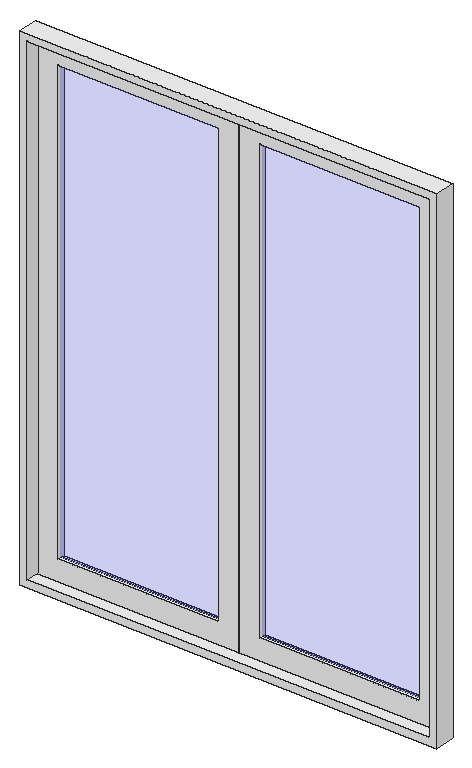
Revit family "CUA_SO_2_CANH_BACKUP", category Windows, host Wall, Revit 2025
Family settings
  Host = Wall
  Always vertical = Yes
  Cut with Voids When Loaded = No
  Shared = No
  Room Calculation Point = No
Parameters (values of type "S1_1500x1800")
  Type Comments = ""
  KINH = 5 mm
  Height = 1800 mm
  Define Thermal Properties by = Schematic Type
  Default Sill Height = 750 mm
  TrimProjection = 25 mm
  Wall Closure = By host
  Width = 1500 mm
  Assembly Code = ""
  Analytic Construction = "<None>"
  25 = 25 mm
  CAO CÁNH = 1800 mm
  76 = 76 mm
Types (7, lengths in mm): name | Type Comments | Height | Default Sill Height | Width | CAO CÁNH
  S1_1500x1800 | "" | 1800 | 750 | 1500 | 1800
  S4_1500x1400 | "" | 1400 | 800 | 1500 | 1300
  K3_3100x2100 | "" | 2100 | 800 | 3100 | 1300
  S1_1500x1400 | "" | 1300 | 800 | 1500 | 1300
  CUA SO 2 CANH NHOM KINH O O THOANG 2 | "CỬA PA NÔ THÉP KÍNH" | 1500 | 800 | 900 | 1500
  S2 | "" | 1200 | 800 | 1200 | 1200
  CUA SO 2 CANH NHOM KINH O O THOANG | "CỬA PA NÔ THÉP KÍNH (LÀM MỚI)" | 1300 | 800 | 1200 | 1300
Reference planes
  plane 1: y = 0
  plane 2 "Center (Left/Right)": x = 0
  plane 3 "Left": x = -750
  plane 4 "Right": x = 750
  plane 5 "Sill": z = 750
  plane 6 "Head": z = 2550
  plane 7 "Exterior": y = 75
  plane 8 "Interior": y = -75
  plane 9: z = 2550
Forms (mm)
  Extrusion 1, solid, material "NHÔM HỘP 2Ẽ76X1"
    sketch origin (0, 75, 0) x (1, 0, 0) y (0, 0, 1)
      loop
        line (750, 750) -> (750, 2550) -> (-750, 2550) -> (-750, 750) -> (750, 750)
      loop
        line (775, 725) -> (775, 2575) -> (-775, 2575) -> (-775, 725) -> (775, 725)
    from 0 to 76
  Extrusion 2, solid, material "NHÔM HỘP 2Ẽ76X1"
    sketch origin (0, 75, 0) x (1, 0, 0) y (0, 0, 1)
      loop
        line (750, 2550) -> (0, 2550) -> (0, 750) -> (750, 750) -> (750, 2550)
      loop
        line (674, 2474) -> (76, 2474) -> (76, 826) -> (674, 826) -> (674, 2474)
    from 0 to 25
  Extrusion 3, solid, material "NHÔM HỘP 2Ẽ76X1"
    sketch origin (-600, 75, 0) x (1, 0, 0) y (0, 0, 1)
      loop
        line (600, 2550) -> (-150, 2550) -> (-150, 750) -> (600, 750) -> (600, 2550)
      loop
        line (524, 2474) -> (-74, 2474) -> (-74, 826) -> (524, 826) -> (524, 2474)
    from 0 to 25
  Extrusion 4, solid, material "Glass"
    sketch origin (0, 0, 0) x (0, 0, 1) y (1, 0, 0)
      loop
        line (826, 76) -> (2474, 76) -> (2474, 674) -> (826, 674) -> (826, 76)
      loop
        line (826, -674) -> (2474, -674) -> (2474, -76) -> (826, -76) -> (826, -674)
    from 60 to 65
Lines and regions (mm)
  Opening 1
    outline origin (3500, -75, 0) x (1, 0, 0) y (0, 0, 1)
      loop
        line (-2750, 750) -> (-2750, 2550) -> (-4250, 2550) -> (-4250, 750) -> (-2750, 750)
  Masking region 1
    outline origin (0, 0, 0) x (1, 0, 0) y (0, 1, 0)
      loop
        line (750, 75) -> (750, -1) -> (775, -1) -> (775, 75) -> (750, 75)
      loop
        line (-750, -1) -> (-750, 75) -> (-775, 75) -> (-775, -1) -> (-750, -1)
  reference lines
    curve 1: line (892.835, 75, 1350) -> (-947.165, 75, 1350)
    curve 2: line (931.155, 75, 1950) -> (-947.165, 75, 1950)
  symbolic lines
    curve 3: line (0, 75, 2550) -> (0, 75, 750)
    curve 4: line (0, 75, 2550) -> (0, 75, 2575)
  symbolic lines, style "WindowsGlassProjection"
    curve 5: line (-674, 65, 0) -> (-76, 65, 0)
    curve 6: line (-674, 60, 0) -> (-674, 65, 0)
    curve 7: line (-76, 60, 0) -> (-674, 60, 0)
    curve 8: line (-76, 65, 0) -> (-76, 60, 0)
    curve 9: line (76, 65, 0) -> (674, 65, 0)
    curve 10: line (76, 60, 0) -> (76, 65, 0)
    curve 11: line (674, 60, 0) -> (76, 60, 0)
    curve 12: line (674, 65, 0) -> (674, 60, 0)
  symbolic lines, style "InvisibleLines"
    curve 13: line (0, 62.5, 2550) -> (750, 62.5, 1500)
    curve 14: line (750, 62.5, 1500) -> (0, 62.5, 750)
    curve 15: line (0, 62.5, 750) -> (-750, 62.5, 1500)
    curve 16: line (-750, 62.5, 1500) -> (0, 62.5, 2550)
Text (mm)
  text "EXTERIOR" at (-1981.535, 863.181, 0), in view "Ref. Level"
  text "INTERIOR" at (-2017.992, -707.606, 0), in view "Ref. Level"
  text "Exterior" at (0, 923.751, 2943.296), in view "Right"
  text "Exterior" at (0, 1019.841, 2788.626), in view "Left"
Dimensions and locks
  equal spacing: plane 3 "Left", plane 2 "Center (Left/Right)", plane 4 "Right"
  "Width": plane 3 "Left" to plane 4 "Right"
  "Height": plane 5 "Sill" to plane 6 "Head"
  "Default Sill Height": plane 5 "Sill" to level
  locked: plane 7 "Exterior" to host wall
  locked: plane 8 "Interior" to host wall
  "CAO CÁNH": plane 5 "Sill" to plane 9
  equal spacing: plane 5 "Sill", curve 1, curve 2, plane 9
  Extrusion 2 to Extrusion 2 = 76 mm  (x3)
  "76": Extrusion 2 to Extrusion 2
  "76": Extrusion 3 to Extrusion 3
  locked: Extrusion 3 to Extrusion 3 at 25  (x2)
  locked: Extrusion 2 to Extrusion 2 at 25
  Extrusion 2 to Extrusion 2 = 25 mm
  aligned and locked: Extrusion 1 sketch curve to host wall
  aligned and locked: plane 9 to Extrusion 1 sketch curve
  aligned and locked: Extrusion 1 to Extrusion 2 sketch curve
  aligned and locked: Extrusion 2 sketch curve to Extrusion 1
  aligned and locked: Extrusion 2 sketch curve to host wall
  aligned and locked: Extrusion 2 sketch curve to plane 2 "Center (Left/Right)"
  aligned and locked: Extrusion 3 to curve 3
  aligned and locked: curve 3 to Extrusion 2
  aligned and locked: Masking region 1 sketch curve to host wall  (x2)
  aligned and locked: Extrusion 1 to Masking region 1 sketch curve  (x3)
  aligned and locked: Masking region 1 sketch curve to Extrusion 1  (x2)
Automatic sketch dimensions
  Opening 1 sketch curve to plane 3 "Left" = 0 mm
  Opening 1 sketch curve to plane 4 "Right" = 0 mm
  Opening 1 sketch curve to plane 5 "Sill" = 0 mm
  Opening 1 sketch curve to plane 6 "Head" = 0 mm
  Extrusion 1 sketch curve to plane 3 "Left" = 0 mm
  Extrusion 1 sketch curve to plane 4 "Right" = 0 mm
  plane 3 "Left" to Extrusion 1 sketch curve = 25 mm
  plane 5 "Sill" to Extrusion 1 sketch curve = 25 mm
  plane 2 "Center (Left/Right)" to Extrusion 2 sketch curve = 76 mm
  plane 4 "Right" to Extrusion 2 sketch curve = 76 mm
  Extrusion 2 sketch curve to plane 5 "Sill" = 76 mm
  Extrusion 2 sketch curve to plane 9 = 76 mm
  plane 3 "Left" to curve 1 = 197.165 mm
  plane 3 "Left" to curve 2 = 197.165 mm
  curve 1 to plane 4 "Right" = 142.835 mm
  curve 2 to plane 4 "Right" = 181.155 mm
  plane 3 "Left" to Extrusion 3 sketch curve = 0 mm
  Extrusion 3 sketch curve to plane 2 "Center (Left/Right)" = 0 mm
  Extrusion 3 sketch curve to plane 5 "Sill" = 0 mm
  Extrusion 3 sketch curve to plane 9 = 0 mm
  Extrusion 3 sketch curve to plane 3 "Left" = 76 mm
  Extrusion 3 sketch curve to plane 2 "Center (Left/Right)" = 76 mm
  Extrusion 3 sketch curve to plane 5 "Sill" = 76 mm
  Extrusion 3 sketch curve to plane 9 = 76 mm
  curve 4 to plane 2 "Center (Left/Right)" = 0 mm
  curve 3 to plane 5 "Sill" = 0 mm
  curve 4 to plane 6 "Head" = 0 mm
  curve 3 to curve 4 = 25 mm
  Masking region 1 sketch curve to Masking region 1 sketch curve = 25 mm
  curve 13 to plane 4 "Right" = 0 mm
  curve 14 to plane 2 "Center (Left/Right)" = 0 mm
  curve 13 to plane 2 "Center (Left/Right)" = 0 mm
  curve 15 to plane 3 "Left" = 0 mm
  curve 14 to plane 5 "Sill" = 0 mm
  curve 16 to plane 9 = 0 mm
  curve 14 to plane 5 "Sill" = 750 mm
  curve 15 to plane 5 "Sill" = 750 mm
  Extrusion 1 sketch curve to plane 4 "Right" = 25 mm
  plane 9 to Extrusion 1 sketch curve = 25 mm
  curve 7 to host wall = 15 mm
  curve 7 to plane 3 "Left" = 76 mm
  curve 7 to plane 2 "Center (Left/Right)" = 76 mm
  curve 9 to host wall = 10 mm
  plane 2 "Center (Left/Right)" to curve 9 = 76 mm
  plane 4 "Right" to curve 9 = 76 mm
  curve 11 to curve 9 = 5 mm
  curve 6 to curve 6 = 5 mm
  Extrusion 4 sketch curve to plane 5 "Sill" = 76 mm  (x2)
  plane 6 "Head" to Extrusion 4 sketch curve = 76 mm  (x2)
  Extrusion 4 sketch curve to plane 3 "Left" = 76 mm
  Extrusion 4 sketch curve to plane 2 "Center (Left/Right)" = 76 mm
  plane 2 "Center (Left/Right)" to Extrusion 4 sketch curve = 76 mm
  plane 4 "Right" to Extrusion 4 sketch curve = 76 mm
